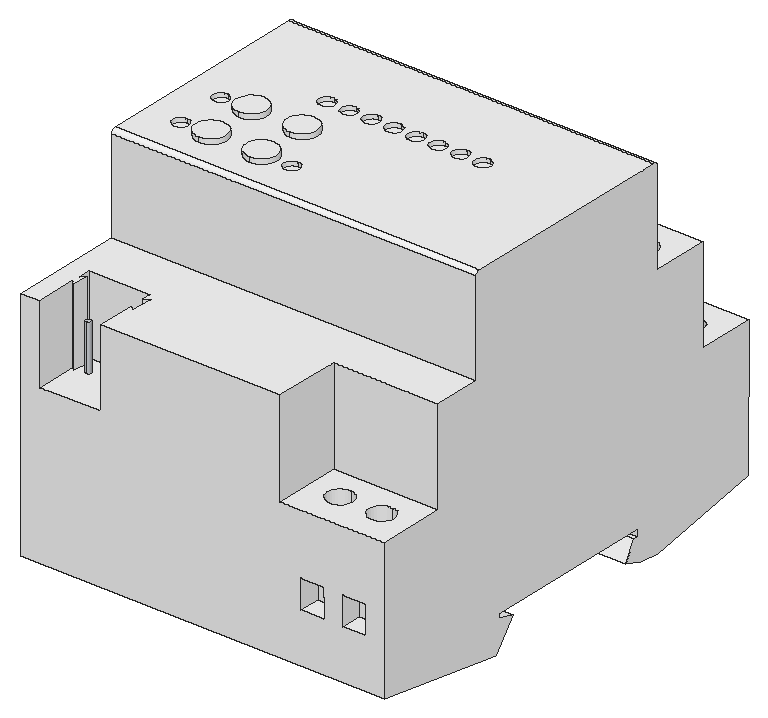
Revit family "Gira_215400", category Electrical Fixtures, host Face, Revit 2017
Family settings
  Host = Face
  Maintain Annotation Orientation = No
  Round Connector Dimension = Use Diameter
  Part Type = Normal
  Cut with Voids When Loaded = No
  Shared = No
  Room Calculation Point = No
Parameters (values of type "Blind act.4-g DC 24 V man.act. KNX DRA")
  With switch function = no
  Ventilschutzfunktion = no
  URL = "https://www.gira.de/"
  Type of voltage (input voltage) = ""
  Type Comments = ""
  Suitable for C-load = no
  Rated current [Ampere] = 0
  Output voltage [Volt] = ""
  Output current [Ampere] = ""
  Number of outputs = 0
  Number of inputs = 1
  Number of binary inputs = 0
  Model = ""
  Max. number of venetian-blind outputs = 4
  Max. number of switching contacts = 0
  Manufacturer = "Gira"
  Handschaltung = no
  Local operation/hand operation = yes
  Keynote = ""
  Input voltage [Volt] = ""
  HeinzeBIM = "https://www.heinze.de/bim/blind-act-4-g-dc-24-v-man-act-knx-dra/1aa0b8a5083b45cd90cee0a2b70e4dc2af69c131"
  HAN = "215400"
  GTIN = "4010337082248"
  Description = "Blind act.4g DC 24V DRA KNX KNX blind actuator, 4-gang DC 24 V with manual actuation,DRA plus Blind actuators with integrated bus coupler, manual activation, and status display for each output. For controlling electrically operated blinds, shutters, awnings, ventilation flaps, or similar hangings.,Features: - Curtain position can be directly controlled. - Slat position can be directly controlled. - Behaviour after bus voltage failure and recovery can be set. - Separately parameterisable movement times with movement time extension for moving into the upper end position. - Central control of all blind outputs possible. - Feedback of the curtain position or slat position. - Feedback can be delayed until after the recovery of bus voltage. - Assignments of up to five different safety functions (three wind alarms, one rain alarm, one frost alarm) or optionally with cyclical monitoring. - Forced setting function can be realised for each blind output. - Integration in scenes is possible, 8 internal scenes at the most can be parameterised per channel. - Memory function for light scenes. - Sun protection function with fixed and variable curtain or slat positions can be activated. - Extended sun protection with extensive control functions. - Integration in temperature management of building possible. - Blocking of individual outputs manually or with bus. - Active or passive (object can be read out) cyclical feedback functions. - Building site operation: Outputs can be operated manually without bus voltage with operating voltage only. - For low voltage DC 12 to 48 V. - Independent control of the four blind outputs.,Notes : - Installation on DIN top-hat rail."
  Default Elevation = 1219.2 mm
  Cost = 0
  Stellgröße schaltend = no
  Stellgröße stetig = no
  Bus connection included = yes
  BIMSITE_PRODUCT_ID = "1aa0b8a5083b45cd90cee0a2b70e4dc2af69c131"
  BIM = "https://media.live.bim.site/t/eyJhbGciOiJIUzI1NiIsInR5cCI6IkpXVCJ9.eyJjdCI6MSwidGYiOiJwdWJsaWMvZ2lyYS8wOWY1ZGI1L1JFRyA4Zi5yZmEiLCJjaWQiOiJmZWQ5OGU5YS0xYmQ4LTRjNjgtYTczYi03NGE5NGUzMTU4MjMiLCJyaWQiOiJmYjYxNWU2ZDRkZjRkNjU0MTJkOWFjZmM1YTJjN2Q1ZCIsInBpZCI6IjFhYTBiOGE1MDgzYjQ1Y2Q5MGNlZTBhMmI3MGU0ZGMyYWY2OWMxMzEiLCJzaWQiOiI2MzQ3MCIsInV0Ijo1LCJsYyI6ImVuIiwiaWF0IjoxNjA3NDM3MzUxLCJpc3MiOiJodHRwczovL2FwaS5saXZlLmJpbS5zaXRlIiwic3ViIjoiOGQzYWE1Y2ItZTA2Ni00NTk4LWJlMTYtNmUxNmVlNzQ5NTZhIn0.oYoLgxN7mdAZFiSWHep8kpKPHZKX0WHFAX5rrYL9iqQ/REG 8f.rfa"
  Assembly Code = ""
Reference planes
  plane 1 "Center (Front/Back)": y = 0
  plane 2: z = 0
  plane 3 "Center (Left/Right)": x = 0
Forms (mm)
  Extrusion 1, solid, material "White", detail levels fine
    sketch origin (0, 0, 0) x (0, 1, 0) y (0, 0, 1)
      loop
        line (45.125, -2.619) -> (45.125, 24.95) -> (33.875, 24.95) -> (33.875, 43.8) -> (22.575, 43.8) -> (22.575, 62.05)
        arc (22.575, 62.05) -> (22.311, 62.686) -> (21.675, 62.95) r 0.9
        line (21.675, 62.95) -> (-21.175, 62.95)
        arc (-21.175, 62.95) -> (-21.785, 62.758) -> (-22.175, 62.25) r 1.064
        line (-22.175, 62.25) -> (-22.175, 43.8) -> (-44.725, 43.8) -> (-44.725, -2.619)
        arc (-44.725, -2.619) -> (-31.081, -5.433) -> (-17.243, -7.049) r 160
        line (-17.243, -7.049) -> (-13.165, -1.734) -> (-16.399, -0.807) -> (-16.399, 0) -> (17.8, 0) -> (17.8, -1.4) -> (16.8, -1.4) -> (14.749, -4.952)
        arc (14.749, -4.952) -> (18.64, -6.184) -> (22.7, -6.6) r 20
        arc (22.7, -6.6) -> (33.983, -5.009) -> (45.125, -2.619) r 160
    from -36 to 36
  Extrusion 2, void, detail levels fine
    sketch origin (0, 0, 0) x (1, 0, 0) y (0, 1, 0)
      loop
        circle (30, 26.925) r 2.55
      loop
        circle (21.75, 26.925) r 2.55
      loop
        circle (12.75, 26.925) r 2.55
      loop
        circle (4.5, 26.925) r 2.55
      loop
        circle (-4.5, 26.925) r 2.55
      loop
        circle (-12.75, 26.925) r 2.55
      loop
        circle (-21.75, 26.925) r 2.55
      loop
        circle (-30, 26.925) r 2.55
    from 37.936 to 43.8
  Extrusion 3, void, detail levels fine
    sketch origin (0, 11.25, -18.85) x (1, 0, 0) y (0, 1, 0)
      loop
        circle (30, 26.925) r 2.55
      loop
        circle (21.75, 26.925) r 2.55
      loop
        circle (12.75, 26.925) r 2.55
      loop
        circle (4.5, 26.925) r 2.55
      loop
        circle (-4.5, 26.925) r 2.55
      loop
        circle (-12.75, 26.925) r 2.55
      loop
        circle (-21.75, 26.925) r 2.55
      loop
        circle (-30, 26.925) r 2.55
    from 37.936 to 43.8
  Extrusion 4, void, detail levels fine
    sketch origin (0, 0, 0) x (1, 0, 0) y (0, 1, 0)
      loop
        circle (-13, -3.875) r 3
      loop
        circle (-23, -3.875) r 3
      loop
        circle (-23, -13.875) r 3
      loop
        circle (-13, -13.875) r 3
      loop
        circle (-29, -3.875) r 1.575
      loop
        circle (-29, -13.875) r 1.575
      loop
        circle (-7, -13.875) r 1.575
      loop
        circle (-15.4, 5.325) r 1.625
      loop
        circle (-11, 5.325) r 1.575
      loop
        circle (-6.6, 5.325) r 1.625
      loop
        circle (-2.2, 5.325) r 1.625
      loop
        circle (2.2, 5.325) r 1.625
      loop
        circle (6.6, 5.325) r 1.625
      loop
        circle (11, 5.325) r 1.575
      loop
        circle (15.4, 5.325) r 1.625
    from 58.253 to 62.95
  Extrusion 5, void, detail levels fine
    sketch origin (0, 0, 0) x (1, 0, 0) y (0, 1, 0)
      loop
        line (-32.175, -32.6) -> (-32.175, -34.9) -> (-31.24, -34.36) -> (-31.401, -37.165) -> (-32.175, -36.7) -> (-32.175, -44.875) -> (-20.175, -44.875) -> (-20.175, -37.33) -> (-19.075, -37.965) -> (-19.075, -33.635) -> (-20.175, -34.27) -> (-20.175, -32.6) -> (-32.175, -32.6)
    from 28.5 to 43.8
  Extrusion 6, solid, detail levels fine
    sketch origin (0, 0, 0) x (1, 0, 0) y (0, 1, 0)
      loop
        circle (-29.375, -36.2) r 0.5
      loop
        circle (-23.575, -36.2) r 0.5
    from 28.5 to 37.5
  Extrusion 7, void, detail levels fine
    sketch origin (0, 0, 0) x (1, 0, 0) y (0, 1, 0)
      loop
        line (15.289, -31.489) -> (15.289, -44.875) -> (36, -44.875) -> (36, -31.489) -> (15.289, -31.489)
    from 25 to 43.8
  Extrusion 8, void, detail levels fine
    sketch origin (0, 0, 0) x (1, 0, 0) y (0, 1, 0)
      loop
        circle (21.75, -37.925) r 2.55
      loop
        circle (30, -37.925) r 2.55
    from 19.086 to 24.95
  Extrusion 9, void, detail levels fine
    sketch origin (0, 0, 0) x (1, 0, 0) y (0, 0, 1)
      loop
        line (32.368, 26.75) -> (32.35, 28.865) -> (32.319, 32.45) -> (27.731, 32.45) -> (27.682, 26.75) -> (32.368, 26.75)
      loop
        line (24.118, 26.75) -> (24.1, 28.865) -> (24.069, 32.45) -> (19.481, 32.45) -> (19.432, 26.75) -> (24.118, 26.75)
      loop
        line (15.118, 26.75) -> (15.1, 28.865) -> (15.069, 32.45) -> (10.481, 32.45) -> (10.432, 26.75) -> (15.118, 26.75)
      loop
        line (6.868, 26.75) -> (6.85, 28.865) -> (6.819, 32.45) -> (2.231, 32.45) -> (2.182, 26.75) -> (6.868, 26.75)
      loop
        line (-2.182, 26.75) -> (-2.2, 28.865) -> (-2.231, 32.45) -> (-6.819, 32.45) -> (-6.868, 26.75) -> (-2.182, 26.75)
      loop
        line (-10.432, 26.75) -> (-10.45, 28.865) -> (-10.481, 32.45) -> (-15.069, 32.45) -> (-15.118, 26.75) -> (-10.432, 26.75)
      loop
        line (-19.35, 26.75) -> (-19.369, 28.865) -> (-19.4, 32.45) -> (-23.987, 32.45) -> (-24.037, 26.75) -> (-19.35, 26.75)
      loop
        line (-27.682, 26.75) -> (-27.7, 28.865) -> (-27.731, 32.45) -> (-32.319, 32.45) -> (-32.368, 26.75) -> (-27.682, 26.75)
    from -29.206 to -33.875
  Extrusion 10, void, detail levels fine
    sketch origin (0, 11.25, -19.567) x (1, 0, 0) y (0, 0, 1)
      loop
        line (32.368, 26.75) -> (32.35, 28.865) -> (32.319, 32.45) -> (27.731, 32.45) -> (27.682, 26.75) -> (32.368, 26.75)
      loop
        line (24.118, 26.75) -> (24.1, 28.865) -> (24.069, 32.45) -> (19.481, 32.45) -> (19.432, 26.75) -> (24.118, 26.75)
      loop
        line (15.118, 26.75) -> (15.1, 28.865) -> (15.069, 32.45) -> (10.481, 32.45) -> (10.432, 26.75) -> (15.118, 26.75)
      loop
        line (6.868, 26.75) -> (6.85, 28.865) -> (6.819, 32.45) -> (2.231, 32.45) -> (2.182, 26.75) -> (6.868, 26.75)
      loop
        line (-2.182, 26.75) -> (-2.2, 28.865) -> (-2.231, 32.45) -> (-6.819, 32.45) -> (-6.868, 26.75) -> (-2.182, 26.75)
      loop
        line (-10.432, 26.75) -> (-10.45, 28.865) -> (-10.481, 32.45) -> (-15.069, 32.45) -> (-15.118, 26.75) -> (-10.432, 26.75)
      loop
        line (-19.35, 26.75) -> (-19.369, 28.865) -> (-19.4, 32.45) -> (-23.987, 32.45) -> (-24.037, 26.75) -> (-19.35, 26.75)
      loop
        line (-27.682, 26.75) -> (-27.7, 28.865) -> (-27.731, 32.45) -> (-32.319, 32.45) -> (-32.368, 26.75) -> (-27.682, 26.75)
    from -29.206 to -33.875
  Extrusion 11, void, detail levels fine
    sketch origin (0, 0, 0) x (1, 0, 0) y (0, 0, 1)
      loop
        line (32.319, 12.883) -> (27.731, 12.883) -> (27.682, 7.183) -> (32.368, 7.183) -> (32.35, 9.298) -> (32.319, 12.883)
      loop
        line (24.069, 12.883) -> (19.481, 12.883) -> (19.432, 7.183) -> (24.118, 7.183) -> (24.1, 9.298) -> (24.069, 12.883)
    from 40.588 to 44.725
  Extrusion 12, solid, material "White", detail levels fine
    sketch origin (0, 0, 0) x (1, 0, 0) y (0, 1, 0)
      loop
        circle (-15.4, 5.325) r 1.625
      loop
        circle (-11, 5.325) r 1.575
      loop
        circle (-6.6, 5.325) r 1.625
      loop
        circle (-2.2, 5.325) r 1.625
      loop
        circle (2.2, 5.325) r 1.625
      loop
        circle (6.6, 5.325) r 1.625
      loop
        circle (11, 5.325) r 1.575
      loop
        circle (15.4, 5.325) r 1.625
      loop
        circle (-29, -3.875) r 1.575
      loop
        circle (-29, -13.875) r 1.575
      loop
        circle (-7, -13.875) r 1.575
    from 58.253 to 62.25
  Extrusion 13, solid, material "White", detail levels fine
    sketch origin (0, 0, 0) x (1, 0, 0) y (0, 1, 0)
      loop
        circle (-23, -3.875) r 3
      loop
        circle (-13, -3.875) r 3
      loop
        circle (-23, -13.875) r 3
      loop
        circle (-13, -13.875) r 3
    from 58.253 to 63.841
  Extrusion 14, solid, material "White", detail levels medium
    sketch origin (0, 0, 0) x (0, 1, 0) y (0, 0, 1)
      loop
        line (45.125, -7.049) -> (45.125, 24.95) -> (33.875, 24.95) -> (33.875, 43.8) -> (22.575, 43.8) -> (22.575, 63.841) -> (-22.175, 63.841) -> (-22.175, 43.8) -> (-44.725, 43.8) -> (-44.725, -7.049) -> (45.125, -7.049)
    from -36 to 36
  Extrusion 15, solid, material "White", detail levels coarse
    sketch origin (0, 0, 0) x (0, 1, 0) y (0, 0, 1)
      loop
        line (45.125, -7.049) -> (45.125, 63.841) -> (-44.725, 63.841) -> (-44.725, -7.049) -> (45.125, -7.049)
    from -36 to 36
Cuts and joins
  Extrusion 2, Extrusion 3, Extrusion 4, Extrusion 5, Extrusion 7, Extrusion 8, Extrusion 9, Extrusion 10, Extrusion 11 cuts Extrusion 1
Dimensions and locks
  aligned and locked: plane 2 to host face
  aligned and locked: level to host face
